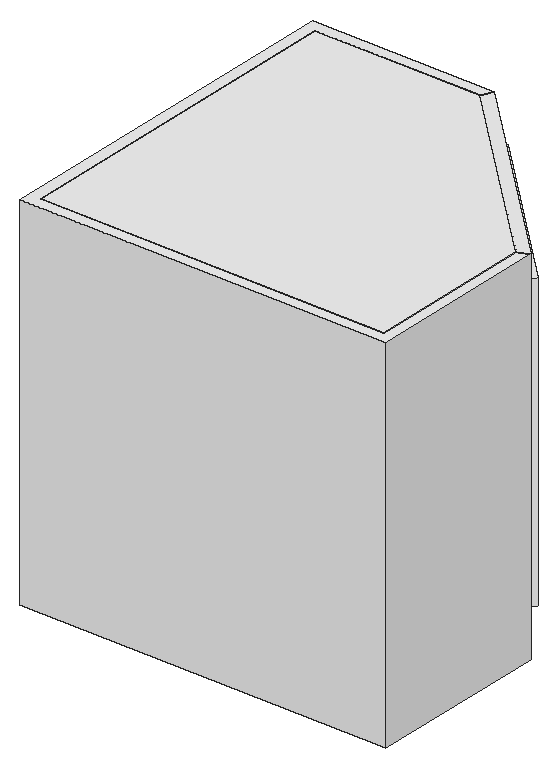
Revit family "Upper Cabinet-Corner Unit-Wall (M)", category 케이스워크, Revit 2026
Family settings
  호스트 = 벽
  항상 수직 = 예
  로드될 때 보이드를 사용하여 절단 = 아니오
  공유 = 아니오
  룸 계산 점 = 아니오
Parameters (values of type "300mm")
  기본 높이 = 0 mm
  Cabinet Material = none
  깊이 = 300 mm
  Door/Drawer Material = none
  높이 = 600 mm
  Top of Cabinet = 2000 mm
  Width = 0 mm
Reference planes
  plane 1: y = 0
  plane 2: x = 258.371
  plane 3: x = -41.629
  plane 4: z = 1400
  plane 5: z = 2000
  plane 6: y = 376.2
  plane 7: y = 76.2
  plane 8: z = 1700
  plane 9: y = 681
  plane 10: x = 563.171
  plane 11: z = 1942.85
Forms (mm)
  Extrusion 1, solid, material <- "Cabinet Material"
    sketch origin (0, 0, 1400) x (0, 1, 0) y (1, 0, 0)
      loop
        line (76.2, -41.629) -> (681, -41.629) -> (681, 258.371) -> (661.95, 250.48) -> (661.95, -22.579) -> (95.25, -22.579) -> (95.25, 544.121) -> (368.309, 544.121) -> (376.2, 563.171) -> (76.2, 563.171) -> (76.2, -41.629)
    from 0 to -600
  Extrusion 2, solid, material <- "Cabinet Material"
    sketch origin (0, 0, 1400) x (0, 1, 0) y (1, 0, 0)
      loop
        line (95.25, -22.579) -> (661.95, -22.579) -> (661.95, 250.48) -> (368.309, 544.121) -> (95.25, 544.121) -> (95.25, -22.579)
    from 0 to -25.4
  Extrusion 3, solid, material <- "Cabinet Material"
    sketch origin (0, 0, 2000) x (0, 1, 0) y (1, 0, 0)
      loop
        line (661.95, 250.48) -> (368.309, 544.121) -> (95.25, 544.121) -> (95.25, -22.579) -> (661.95, -22.579) -> (661.95, 250.48)
    from 0 to 25.4
  Extrusion 4, solid, material <- "Cabinet Material"
    sketch origin (0, 0, 1400) x (0, 1, 0) y (1, 0, 0)
      loop
        line (661.95, 250.48) -> (681, 258.371) -> (376.2, 563.171) -> (368.309, 544.121) -> (661.95, 250.48)
    from 0 to -600
  Extrusion 5, void
    sketch origin (0, 0, 1400) x (1, 0, 0) y (0, 1, 0)
      loop
        line (272.612, 639.818) -> (521.99, 390.441) -> (535.46, 403.911) -> (286.082, 653.289) -> (272.612, 639.818)
    from 57.15 to 542.85
  Extrusion 6, solid, material <- "Door/Drawer Material"
    sketch origin (0, 0, 1400) x (0, 1, 0) y (1, 0, 0)
      loop
        line (644.309, 277.102) -> (662.269, 295.063) -> (412.891, 544.44) -> (394.931, 526.48) -> (644.309, 277.102)
    from -57.15 to -542.85
Cuts and joins
  Extrusion 5 cuts Extrusion 1
  Extrusion 5 cuts Extrusion 2
  Extrusion 5 cuts Extrusion 3
  Extrusion 5 cuts Extrusion 4
Lines and regions (mm)
  symbolic lines, style "Plan Rep - Above"
    curve 1: line (-41.629, 76.2, 1400) -> (-41.629, 681, 1400)
    curve 2: line (-41.629, 681, 1400) -> (258.371, 681, 1400)
    curve 3: line (258.371, 681, 1400) -> (563.171, 376.2, 1400)
    curve 4: line (563.171, 376.2, 1400) -> (563.171, 76.2, 1400)
    curve 5: line (563.171, 76.2, 1400) -> (-41.629, 76.2, 1400)
Text (mm)
  text "Placement Side" at (0, 1019.848, 3124.603), in view "Right"
  text "Placement Side" at (-1434.409, 1026.573, 0), in view "Floor Line"
  text "Placement Side" at (0, 1206.291, 3169.834), in view "Left"
Dimensions and locks
  "깊이": plane 3 to plane 2
  "높이": plane 4 to plane 5
  equal spacing: plane 4, plane 8, plane 5
  "깊이": plane 6 to plane 7
  locked: plane 2 to plane 10 at 304.8
  locked: plane 6 to plane 9 at 304.8
  locked: plane 11 to plane 5 at 57.15
  "Top of Cabinet": level to plane 5
  aligned and locked: plane 7 to host wall
  aligned and locked: Extrusion 1 to plane 5
  aligned and locked: Extrusion 4 to plane 5
  aligned and locked: Extrusion 5 to plane 11
  aligned and locked: Extrusion 6 to plane 11
Automatic sketch dimensions
  Extrusion 1 sketch curve to host wall = 0 mm
  Extrusion 1 sketch curve to plane 6 = 0 mm
  Extrusion 1 sketch curve to plane 2 = 0 mm
  Extrusion 1 sketch curve to plane 9 = 0 mm
  Extrusion 1 sketch curve to plane 10 = 0 mm
  Extrusion 1 sketch curve to plane 3 = 0 mm
  host wall to Extrusion 1 sketch curve = 19.05 mm
  Extrusion 1 sketch curve to plane 6 = 7.891 mm
  Extrusion 1 sketch curve to Extrusion 1 sketch curve = 19.05 mm
  plane 3 to Extrusion 1 sketch curve = 19.05 mm
  host wall to Extrusion 2 sketch curve = 19.05 mm
  Extrusion 2 sketch curve to plane 6 = 7.891 mm
  Extrusion 2 sketch curve to plane 2 = 7.891 mm
  plane 9 to Extrusion 2 sketch curve = 19.05 mm
  plane 10 to Extrusion 2 sketch curve = 19.05 mm
  plane 3 to Extrusion 2 sketch curve = 19.05 mm
  host wall to Extrusion 3 sketch curve = 19.05 mm
  Extrusion 3 sketch curve to plane 6 = 7.891 mm
  plane 3 to Extrusion 3 sketch curve = 19.05 mm
  plane 9 to Extrusion 3 sketch curve = 19.05 mm
  Extrusion 3 sketch curve to plane 2 = 7.891 mm
  plane 10 to Extrusion 3 sketch curve = 19.05 mm
  plane 10 to Extrusion 1 sketch curve = 19.05 mm
  Extrusion 1 sketch curve to plane 2 = 7.891 mm
  Extrusion 4 sketch curve to plane 6 = 0 mm
  Extrusion 4 sketch curve to plane 2 = 0 mm
  Extrusion 4 sketch curve to plane 9 = 0 mm
  Extrusion 4 sketch curve to plane 10 = 0 mm
  Extrusion 4 sketch curve to plane 6 = 7.891 mm
  Extrusion 4 sketch curve to plane 2 = 7.891 mm
  plane 9 to Extrusion 4 sketch curve = 19.05 mm
  plane 10 to Extrusion 4 sketch curve = 19.05 mm
  curve 5 to plane 3 = 0 mm
  curve 2 to plane 2 = 0 mm
  curve 4 to plane 10 = 0 mm
  curve 1 to host wall = 0 mm
  curve 3 to plane 6 = 0 mm
  curve 2 to plane 9 = 0 mm
  plane 2 to Extrusion 5 sketch curve = 14.241 mm
  plane 9 to Extrusion 5 sketch curve = 27.711 mm
  plane 2 to Extrusion 5 sketch curve = 27.711 mm
  plane 6 to Extrusion 5 sketch curve = 14.241 mm
  plane 10 to Extrusion 5 sketch curve = 41.182 mm
  plane 6 to Extrusion 6 sketch curve = 18.731 mm
  plane 10 to Extrusion 6 sketch curve = 18.731 mm
  Extrusion 6 sketch curve to Extrusion 6 sketch curve = 17.961 mm  (x2)
  plane 9 to Extrusion 6 sketch curve = 36.691 mm
